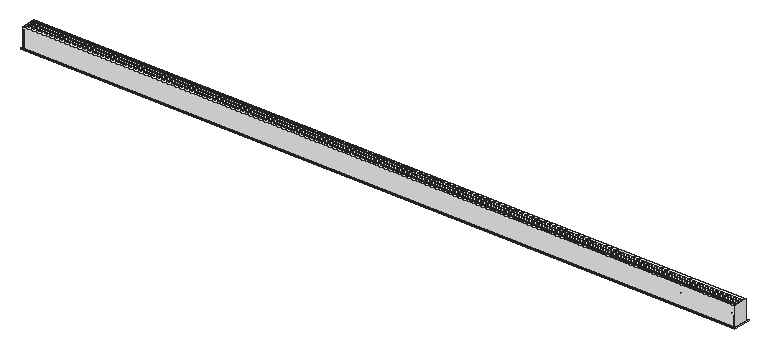
Revit family "STL22403BR_STL22403PTO", category Luminárias, Revit 2023
Family settings
  Hospedeiro = Forro
  Cota do conector redondo = Utilizar diâmetro
  Tipo de parte = Normal
  Número OmniClass = 23.80.70.11
  Título OmniClass = Luminaries for Internal Lighting
  Sempre na vertical = Sim
  Corte com vazios quando carregada = Não
  Fonte luminosa = Não
  Manter orientação da anotação = Não
  Compartilhado = Não
  Ponto de cálculo do ambiente = Não
Parameters (values of type "STL22403BR - BRANCO - 2m")
  URL = "https://stella.com.br/"
  Tensão Elétrica = "127V-220V"
  Referência = "STL22403BR - BRANCO - 2m"
  Potência máxima = 1000 W
  Modelo = "Trace - Trilho de Embutir 2m\r\nTrace - Trilho de Sobrepor 2m"
  Largura = 0.048 m
  Grau de proteção (IP) = "IP20"
  Fabricante = "Stella"
  Estrutura = Al - Branco
  Elevação padrão = 0.00 m
  Comprimento = 2.01 m
  Altura = 0.054 m
Types (3, lengths in m): name | Referência | Estrutura
  (no name) | "STL22403BR - BRANCO - 2m" | Al - Branco
  STL22403BR - BRANCO - 2m | "STL22403BR - BRANCO - 2m" | Al - Branco
  STL22403PTO - PRETO - 2m | "STL22403PTO - PRETO - 2m" | Al - Preto
Reference planes (m)
  plane 1 "Eixo de origem da luz (F/T)": y = 0
  plane 2 "Forro": z = 2.5
  plane 3 "Eixo de origem da luz (E/D)": x = 0
  plane 4 "Elevação da origem da luz": z = 2.4988
  plane 5: y = 0.024
  plane 6: y = -0.024
  plane 7: x = -1.005
  plane 8: x = 1.005
  plane 9 "Inferior": z = 2.4988
  plane 10 "Superior": z = 2.5528
Forms (m)
  Extrusion 1, solid, material "Al - Branco" <- "Estrutura"
    sketch origin (0, 0, 0.5) x (0, 1, 0) y (0, 0, 1)
      loop
        line (-0.0186, 2) -> (-0.0174, 2) -> (-0.0174, 2.001357) -> (-0.0179, 2.001997) -> (-0.0179, 2.004897) -> (-0.0174, 2.005537) -> (-0.0174, 2.0313) -> (-0.008, 2.0313) -> (-0.008, 2.0335) -> (-0.00895, 2.0335) -> (-0.00895, 2.032598) -> (-0.013436, 2.032598)
        arc (-0.013436, 2.032598) -> (-0.013006, 2.038669) -> (-0.011361, 2.044528) r 0.03
        line (-0.011361, 2.044528) -> (-0.010351, 2.044528) -> (-0.010351, 2.043328) -> (-0.00915, 2.043328) -> (-0.00915, 2.0484) -> (0.00915, 2.0484) -> (0.00915, 2.043328) -> (0.010351, 2.043328) -> (0.010351, 2.044528) -> (0.011361, 2.044528)
        arc (0.011361, 2.044528) -> (0.013006, 2.038669) -> (0.013436, 2.032598) r 0.03
        line (0.013436, 2.032598) -> (0.00895, 2.032598) -> (0.00895, 2.0335) -> (0.008, 2.0335) -> (0.008, 2.0313) -> (0.0174, 2.0313) -> (0.0174, 2.005537) -> (0.0179, 2.004897) -> (0.0179, 2.001997) -> (0.0174, 2.001357) -> (0.0174, 2) -> (0.0186, 2) -> (0.0186, 2.0528) -> (0.0158, 2.0528) -> (0.0158, 2.0518) -> (0.0176, 2.0518) -> (0.0176, 2.0496) -> (0.00605, 2.0496) -> (0.00605, 2.0518) -> (0.0078, 2.0518) -> (0.0078, 2.0528) -> (0.0033, 2.0528) -> (0.0033, 2.0518) -> (0.00505, 2.0518) -> (0.00505, 2.0496) -> (-0.00505, 2.0496) -> (-0.00505, 2.0518) -> (-0.0033, 2.0518) -> (-0.0033, 2.0528) -> (-0.0078, 2.0528) -> (-0.0078, 2.0518) -> (-0.00605, 2.0518) -> (-0.00605, 2.0496) -> (-0.0176, 2.0496) -> (-0.0176, 2.0518) -> (-0.0158, 2.0518) -> (-0.0158, 2.0528) -> (-0.0186, 2.0528) -> (-0.0186, 2)
      loop
        line (-0.0174, 2.0484) -> (-0.0174, 2.0327) -> (-0.0161, 2.0327) -> (-0.0161, 2.0337) -> (-0.01445, 2.0337)
        arc (-0.01445, 2.0337) -> (-0.013834, 2.03968) -> (-0.012075, 2.045428) r 0.031
        line (-0.012075, 2.045428) -> (-0.01055, 2.045428) -> (-0.01055, 2.0484) -> (-0.0174, 2.0484)
      loop
        line (0.0174, 2.0484) -> (0.01055, 2.0484) -> (0.01055, 2.045428) -> (0.012075, 2.045428)
        arc (0.012075, 2.045428) -> (0.013834, 2.03968) -> (0.01445, 2.0337) r 0.031
        line (0.01445, 2.0337) -> (0.0161, 2.0337) -> (0.0161, 2.0327) -> (0.0174, 2.0327) -> (0.0174, 2.0484)
    from -0.995 to 0.995
  Extrusion 2, solid, material "Al - Branco" <- "Estrutura"
    sketch origin (0, 0, 0) x (0, 1, 0) y (0, 0, 1)
      loop
        line (-0.0186, 2.5528) -> (-0.0186, 2.5) -> (0.0186, 2.5) -> (0.0186, 2.5528) -> (-0.0186, 2.5528)
    from 0.995 to 0.997
  Extrusion 3, solid, material "Al - Branco" <- "Estrutura"
    sketch origin (-0.56, 0, 0) x (0, 1, 0) y (0, 0, -1)
      loop
        line (-0.0186, -2.5528) -> (0.0186, -2.5528) -> (0.0186, -2.5) -> (-0.0186, -2.5) -> (-0.0186, -2.5528)
    from 0.435 to 0.437
  Extrusion 4, solid, material "Al - Branco" <- "Estrutura"
    sketch origin (0, 0, 0) x (0, 1, 0) y (0, 0, 1)
      loop
        line (-0.016882, 2.4988) -> (-0.01485, 2.4988) -> (-0.01485, 2.5003) -> (-0.01565, 2.5003) -> (-0.01565, 2.5011)
        arc (-0.01565, 2.5011) -> (-0.015382, 2.501621) -> (-0.01485, 2.501866) r 0.0009
        line (-0.01485, 2.501866) -> (-0.01485, 2.5031) -> (0.01485, 2.5031) -> (0.01485, 2.501866)
        arc (0.01485, 2.501866) -> (0.015382, 2.501621) -> (0.01565, 2.5011) r 0.0009
        line (0.01565, 2.5011) -> (0.01565, 2.5003) -> (0.01485, 2.5003) -> (0.01485, 2.4988) -> (0.016882, 2.4988) -> (0.017315, 2.5298) -> (0.007214, 2.5298) -> (0.007113, 2.5414) -> (0.006604, 2.5424) -> (-0.006604, 2.5424) -> (-0.007113, 2.5414) -> (-0.007214, 2.5298) -> (-0.017315, 2.5298) -> (-0.016882, 2.4988)
    from 0.955992 to 0.956565
  Extrusion 5, solid, material "Al - Branco" <- "Estrutura"
    sketch origin (0, 0, 0) x (0, 1, 0) y (0, 0, 1)
      loop
        line (-0.017315, 2.5298) -> (-0.016882, 2.4988) -> (-0.016082, 2.4988) -> (-0.016504, 2.529) -> (-0.006421, 2.529) -> (-0.006311, 2.5416) -> (0.006311, 2.5416) -> (0.006421, 2.529) -> (0.016504, 2.529) -> (0.016082, 2.4988) -> (0.016882, 2.4988) -> (0.017315, 2.5298) -> (0.007214, 2.5298) -> (0.007113, 2.5414) -> (0.006604, 2.5424) -> (-0.006604, 2.5424) -> (-0.007113, 2.5414) -> (-0.007214, 2.5298) -> (-0.017315, 2.5298)
    from 0.956565 to 0.990745
  Extrusion 6, solid, material "Al - Branco" <- "Estrutura"
    sketch origin (0, 0, 0) x (0, 1, 0) y (0, 0, 1)
      loop
        line (-0.014627, 2.500432) -> (-0.014627, 2.4988) -> (0.014627, 2.4988) -> (0.014627, 2.500432) -> (0.015428, 2.500432) -> (0.015428, 2.501232)
        arc (0.015428, 2.501232) -> (0.015136, 2.50162) -> (0.014669, 2.501748) r 0.000752
        line (0.014669, 2.501748) -> (0.014669, 2.502792) -> (-0.014669, 2.502792) -> (-0.014669, 2.501748)
        arc (-0.014669, 2.501748) -> (-0.015136, 2.50162) -> (-0.015428, 2.501232) r 0.000752
        line (-0.015428, 2.501232) -> (-0.015428, 2.500432) -> (-0.014627, 2.500432)
    from 0.955992 to 0.956565
  Extrusion 7, solid, material "Al - Branco" <- "Estrutura"
    sketch origin (0, 0, 2.4988) x (0, -1, 0) y (1, 0, 0)
      loop
        line (-0.014627, 0.987643) -> (-0.014627, 0.956836) -> (0.014627, 0.956836) -> (0.014627, 0.987643) -> (-0.014627, 0.987643)
      loop
        line (0.016282, 0.956565) -> (0.016282, 0.991992) -> (-0.016282, 0.991992) -> (-0.016282, 0.956565) -> (-0.01485, 0.956565) -> (-0.01485, 0.989643) -> (0.01485, 0.989643) -> (0.01485, 0.956565) -> (0.016282, 0.956565)
    from 0 to 0.0012
  Extrusion 8, solid, material "Al - Branco" <- "Estrutura"
    sketch origin (0, 0, 0) x (1, 0, 0) y (0, 0, 1)
      loop
        line (0.987642, 2.4988) -> (0.987793, 2.497792) -> (0.989493, 2.497792) -> (0.989643, 2.4988) -> (0.989643, 2.5) -> (0.987642, 2.5) -> (0.987642, 2.4988)
    from -0.014627 to 0.014627
  Extrusion 9, void
    sketch origin (0, 0, 2.4988) x (0, -1, 0) y (1, 0, 0)
      loop
        line (-0.00135, 0.969641) -> (-0.00135, 0.974441) -> (-0.00225, 0.975341) -> (-0.00225, 0.968741) -> (-0.00135, 0.969641)
      loop
        line (0.00055, 0.969641) -> (0.00055, 0.974441) -> (-0.00035, 0.974441) -> (-0.00035, 0.969641) -> (0.00055, 0.969641)
      loop
        line (0.00245, 0.968741) -> (0.00245, 0.975341) -> (0.00155, 0.974441) -> (0.00155, 0.969641) -> (0.00245, 0.968741)
    from 0 to 0.000475
  Extrusion 10, solid, material "Al - Branco" <- "Estrutura"
    sketch origin (0.947984, 0, 0) x (0, 1, 0) y (0, 0, -1)
      loop
        line (-0.016882, -2.4988) -> (-0.017315, -2.5298) -> (-0.007214, -2.5298) -> (-0.007113, -2.5414) -> (-0.006604, -2.5424) -> (0.006604, -2.5424) -> (0.007113, -2.5414) -> (0.007214, -2.5298) -> (0.017315, -2.5298) -> (0.016882, -2.4988) -> (-0.016882, -2.4988)
    from -0.044008 to -0.042762
  Extrusion 11, solid, material "Al - Branco" <- "Estrutura"
    sketch origin (0, 0, 2.4988) x (0, -1, 0) y (1, 0, 0)
      loop
        line (0.0236, -1) -> (0.0236, 1) -> (-0.0236, 1) -> (-0.0236, -1) -> (0.0236, -1)
      loop
        line (-0.0186, -0.992) -> (0.0186, -0.992) -> (0.0186, 0.991992) -> (-0.0186, 0.991992) -> (-0.0186, -0.992)
    from 0 to 0.0012
  Extrusion 12, void
    sketch origin (0, 0, 2.4988) x (0, -1, 0) y (1, 0, 0)
      loop
        line (-0.0236, -1) -> (0.0236, -1) -> (0.0236, 1) -> (-0.0236, 1) -> (-0.0236, -1)
    from 0 to 0.054
Cuts and joins
  Extrusion 9 cuts Extrusion 4
  Extrusion 9 cuts Extrusion 5
  Extrusion 9 cuts Extrusion 7
  joined: Extrusion 4, Extrusion 5, Extrusion 7, Extrusion 8, Extrusion 10
  joined: Extrusion 1, Extrusion 2, Extrusion 3, Extrusion 11
Dimensions and locks (m)
  equal spacing: host sketch curve, plane 3 "Eixo de origem da luz (E/D)", host sketch curve
  equal spacing: host sketch curve, plane 1 "Eixo de origem da luz (F/T)", host sketch curve
  host sketch curve to host sketch curve = 2.01 m
  host sketch curve to host sketch curve = 0.0572 m
  plane 10 "Superior" to plane 9 "Inferior" = 0.054 m
  "Comprimento": plane 7 to plane 8
  "Largura": plane 5 to plane 6
  "Altura": plane 10 "Superior" to plane 4 "Elevação da origem da luz"
Automatic sketch dimensions
  Extrusion 1 sketch curve to Extrusion 1 sketch curve = 0.00 m  (x13)
  plane 6 to Extrusion 1 sketch curve = 0.0054 m
  Extrusion 1 sketch curve to Extrusion 1 sketch curve = 0.0007 m
  Extrusion 1 sketch curve to Extrusion 1 sketch curve = 0.001 m  (x8)
  Extrusion 1 sketch curve to Extrusion 1 sketch curve = 0.0002 m  (x2)
  Extrusion 1 sketch curve to Extrusion 1 sketch curve = 0.0012 m  (x4)
  Extrusion 1 sketch curve to Extrusion 1 sketch curve = 0.00085 m
  Extrusion 1 sketch curve to Extrusion 1 sketch curve = 0.00045 m  (x2)
  Extrusion 1 sketch curve to Extrusion 1 sketch curve = 0.0018 m
  Extrusion 1 sketch curve to Extrusion 1 sketch curve = 0.00165 m  (x2)
  Extrusion 1 sketch curve to Extrusion 1 sketch curve = 0.001014 m  (x2)
  Extrusion 1 sketch curve to Extrusion 1 sketch curve = 0.005325 m
  Extrusion 1 sketch curve to Extrusion 1 sketch curve = 0.000714 m  (x2)
  Extrusion 1 sketch curve to Extrusion 1 sketch curve = 0.000811 m
  Extrusion 1 sketch curve to Extrusion 1 sketch curve = 0.000199 m  (x2)
  Extrusion 1 sketch curve to Extrusion 1 sketch curve = 0.001201 m  (x2)
  Extrusion 1 sketch curve to Extrusion 1 sketch curve = 0.004486 m  (x2)
  Extrusion 1 sketch curve to Extrusion 1 sketch curve = 0.00095 m  (x2)
  Extrusion 1 sketch curve to Extrusion 1 sketch curve = 0.00135 m
  Extrusion 1 sketch curve to Extrusion 1 sketch curve = 0.00175 m  (x4)
  Extrusion 1 sketch curve to plane 1 "Eixo de origem da luz (F/T)" = 0.0033 m
  Extrusion 1 sketch curve to plane 1 "Eixo de origem da luz (F/T)" = 0.008 m
  Extrusion 1 sketch curve to Extrusion 1 sketch curve = 0.0031 m
  Extrusion 1 sketch curve to Extrusion 1 sketch curve = 0.001009 m
  Extrusion 1 sketch curve to Extrusion 1 sketch curve = 0.00525 m
  Extrusion 1 sketch curve to plane 5 = 0.0066 m
  Extrusion 1 sketch curve to Extrusion 1 sketch curve = 0.0016 m
  Extrusion 1 sketch curve to Extrusion 1 sketch curve = 0.0005 m
  Extrusion 1 sketch curve to plane 10 "Superior" = 0.0528 m
  Extrusion 1 sketch curve to Extrusion 1 sketch curve = 0.001357 m  (x2)
  Extrusion 1 sketch curve to Extrusion 1 sketch curve = 0.00064 m  (x4)
  Extrusion 1 sketch curve to Extrusion 1 sketch curve = 0.0029 m  (x2)
  Extrusion 1 sketch curve to Extrusion 1 sketch curve = 0.025763 m
  Extrusion 1 sketch curve to Extrusion 1 sketch curve = 0.001298 m  (x2)
  Extrusion 1 sketch curve to Extrusion 1 sketch curve = 0.0014 m  (x2)
  Extrusion 1 sketch curve to Extrusion 1 sketch curve = 0.000902 m  (x2)
  Extrusion 1 sketch curve to Extrusion 1 sketch curve = 0.000829 m  (x2)
  Extrusion 1 sketch curve to Extrusion 1 sketch curve = 0.000171 m  (x2)
  Extrusion 1 sketch curve to Extrusion 1 sketch curve = 0.002972 m  (x2)
  Extrusion 1 sketch curve to Extrusion 1 sketch curve = 0.0022 m  (x4)
  plane 6 to Extrusion 2 sketch curve = 0.0054 m
  Extrusion 2 sketch curve to plane 5 = 0.0054 m
  Extrusion 2 sketch curve to plane 10 "Superior" = 0.0528 m
  Extrusion 2 sketch curve to Extrusion 2 sketch curve = 0.0528 m
  plane 6 to Extrusion 3 sketch curve = 0.0054 m
  Extrusion 3 sketch curve to plane 5 = 0.0054 m
  plane 10 "Superior" to Extrusion 3 sketch curve = 0.00 m
  Extrusion 3 sketch curve to Extrusion 3 sketch curve = 0.0528 m
  plane 4 "Elevação da origem da luz" to Extrusion 4 sketch curve = 0.00 m  (x2)
  plane 6 to Extrusion 4 sketch curve = 0.006685 m
  plane 6 to Extrusion 4 sketch curve = 0.007118 m
  Extrusion 4 sketch curve to Extrusion 4 sketch curve = 0.001232 m  (x2)
  plane 2 "Forro" to Extrusion 4 sketch curve = 0.0003 m  (x2)
  Extrusion 4 sketch curve to Extrusion 4 sketch curve = 0.0008 m  (x4)
  Extrusion 4 sketch curve to Extrusion 4 sketch curve = 0.000091 m  (x3)
  plane 1 "Eixo de origem da luz (F/T)" to Extrusion 4 sketch curve = 0.007214 m
  plane 1 "Eixo de origem da luz (F/T)" to Extrusion 4 sketch curve = 0.007113 m
  Extrusion 4 sketch curve to Extrusion 4 sketch curve = 0.000509 m  (x2)
  Extrusion 4 sketch curve to plane 1 "Eixo de origem da luz (F/T)" = 0.006604 m
  Extrusion 4 sketch curve to plane 1 "Eixo de origem da luz (F/T)" = 0.007214 m
  plane 2 "Forro" to Extrusion 4 sketch curve = 0.000971 m
  Extrusion 4 sketch curve to plane 5 = 0.009241 m
  Extrusion 4 sketch curve to Extrusion 4 sketch curve = 0.000891 m
  Extrusion 4 sketch curve to plane 5 = 0.006685 m
  Extrusion 4 sketch curve to Extrusion 4 sketch curve = 0.000671 m
  Extrusion 4 sketch curve to Extrusion 4 sketch curve = 0.001234 m
  Extrusion 4 sketch curve to plane 10 "Superior" = 0.023 m
  Extrusion 4 sketch curve to Extrusion 4 sketch curve = 0.00 m
  Extrusion 4 sketch curve to plane 10 "Superior" = 0.0114 m  (x2)
  Extrusion 4 sketch curve to Extrusion 4 sketch curve = 0.001 m
  plane 4 "Elevação da origem da luz" to Extrusion 5 sketch curve = 0.00 m  (x2)
  plane 6 to Extrusion 5 sketch curve = 0.006685 m
  plane 6 to Extrusion 5 sketch curve = 0.007118 m
  Extrusion 5 sketch curve to Extrusion 5 sketch curve = 0.000811 m  (x2)
  Extrusion 5 sketch curve to Extrusion 5 sketch curve = 0.0008 m  (x5)
  plane 1 "Eixo de origem da luz (F/T)" to Extrusion 5 sketch curve = 0.007214 m
  plane 1 "Eixo de origem da luz (F/T)" to Extrusion 5 sketch curve = 0.007113 m
  Extrusion 5 sketch curve to Extrusion 5 sketch curve = 0.000509 m
  Extrusion 5 sketch curve to Extrusion 5 sketch curve = 0.000793 m  (x2)
  Extrusion 5 sketch curve to Extrusion 5 sketch curve = 0.000802 m  (x2)
  Extrusion 5 sketch curve to plane 1 "Eixo de origem da luz (F/T)" = 0.006311 m
  Extrusion 5 sketch curve to plane 1 "Eixo de origem da luz (F/T)" = 0.006421 m
  Extrusion 5 sketch curve to Extrusion 5 sketch curve = 0.000293 m
  Extrusion 5 sketch curve to plane 5 = 0.007918 m
  Extrusion 5 sketch curve to plane 5 = 0.007496 m
  Extrusion 5 sketch curve to plane 10 "Superior" = 0.0238 m
  Extrusion 5 sketch curve to Extrusion 5 sketch curve = 0.00 m
  Extrusion 5 sketch curve to plane 10 "Superior" = 0.0114 m  (x2)
  Extrusion 5 sketch curve to Extrusion 5 sketch curve = 0.0002 m
  plane 4 "Elevação da origem da luz" to Extrusion 6 sketch curve = 0.00 m
  plane 2 "Forro" to Extrusion 6 sketch curve = 0.000432 m  (x2)
  plane 6 to Extrusion 6 sketch curve = 0.008572 m
  Extrusion 6 sketch curve to Extrusion 6 sketch curve = 0.000715 m  (x2)
  Extrusion 6 sketch curve to Extrusion 6 sketch curve = 0.000044 m
  Extrusion 6 sketch curve to Extrusion 6 sketch curve = 0.0008 m
  Extrusion 6 sketch curve to plane 5 = 0.009373 m
  Extrusion 6 sketch curve to Extrusion 6 sketch curve = 0.000041 m
  Extrusion 6 sketch curve to Extrusion 6 sketch curve = 0.000085 m
  Extrusion 6 sketch curve to Extrusion 6 sketch curve = 0.000565 m  (x2)
  Extrusion 6 sketch curve to Extrusion 6 sketch curve = 0.000235 m  (x2)
  Extrusion 6 sketch curve to Extrusion 6 sketch curve = 0.001044 m
  Extrusion 7 sketch curve to plane 5 = 0.007718 m
  Extrusion 7 sketch curve to Extrusion 7 sketch curve = 0.001432 m  (x2)
  Extrusion 7 sketch curve to Extrusion 7 sketch curve = 0.000223 m  (x2)
  plane 6 to Extrusion 7 sketch curve = 0.009373 m
  Extrusion 7 sketch curve to plane 8 = 0.048435 m
  Extrusion 7 sketch curve to Extrusion 7 sketch curve = 0.00 m
  Extrusion 7 sketch curve to Extrusion 7 sketch curve = 0.000271 m
  Extrusion 7 sketch curve to plane 8 = 0.017357 m
  Extrusion 7 sketch curve to Extrusion 7 sketch curve = 0.002 m
  Extrusion 7 sketch curve to Extrusion 7 sketch curve = 0.002349 m
  Extrusion 8 sketch curve to plane 4 "Elevação da origem da luz" = 0.00 m  (x2)
  Extrusion 8 sketch curve to plane 2 "Forro" = 0.00 m
  Extrusion 8 sketch curve to plane 8 = 0.017358 m
  plane 4 "Elevação da origem da luz" to Extrusion 8 sketch curve = 0.001008 m
  Extrusion 8 sketch curve to Extrusion 8 sketch curve = 0.000151 m
  Extrusion 8 sketch curve to Extrusion 8 sketch curve = 0.0017 m
  Extrusion 8 sketch curve to Extrusion 8 sketch curve = 0.002001 m
  Extrusion 9 sketch curve to plane 1 "Eixo de origem da luz (F/T)" = 0.00225 m
  Extrusion 9 sketch curve to Extrusion 9 sketch curve = 0.0009 m  (x6)
  Extrusion 9 sketch curve to plane 1 "Eixo de origem da luz (F/T)" = 0.00035 m
  plane 1 "Eixo de origem da luz (F/T)" to Extrusion 9 sketch curve = 0.00055 m
  Extrusion 9 sketch curve to Extrusion 9 sketch curve = 0.001 m
  Extrusion 9 sketch curve to plane 8 = 0.036259 m
  Extrusion 9 sketch curve to Extrusion 9 sketch curve = 0.00 m  (x4)
  Extrusion 9 sketch curve to Extrusion 9 sketch curve = 0.0048 m
  plane 4 "Elevação da origem da luz" to Extrusion 10 sketch curve = 0.00 m
  plane 6 to Extrusion 10 sketch curve = 0.006685 m
  plane 1 "Eixo de origem da luz (F/T)" to Extrusion 10 sketch curve = 0.007214 m
  plane 1 "Eixo de origem da luz (F/T)" to Extrusion 10 sketch curve = 0.007113 m
  Extrusion 10 sketch curve to Extrusion 10 sketch curve = 0.000509 m  (x2)
  Extrusion 10 sketch curve to plane 1 "Eixo de origem da luz (F/T)" = 0.006604 m
  Extrusion 10 sketch curve to plane 1 "Eixo de origem da luz (F/T)" = 0.007214 m
  Extrusion 10 sketch curve to plane 5 = 0.007118 m
  Extrusion 10 sketch curve to plane 5 = 0.006685 m
  Extrusion 10 sketch curve to plane 10 "Superior" = 0.023 m
  Extrusion 10 sketch curve to Extrusion 10 sketch curve = 0.00 m
  Extrusion 10 sketch curve to plane 10 "Superior" = 0.0114 m  (x2)
  Extrusion 10 sketch curve to Extrusion 10 sketch curve = 0.001 m
  plane 6 to Extrusion 10 sketch curve = 0.007118 m
  Extrusion 11 sketch curve to plane 5 = 0.0004 m
  Extrusion 11 sketch curve to plane 5 = 0.0054 m
  plane 6 to Extrusion 11 sketch curve = 0.0054 m
  plane 6 to Extrusion 11 sketch curve = 0.0004 m
  plane 7 to Extrusion 11 sketch curve = 0.005 m
  Extrusion 11 sketch curve to Extrusion 11 sketch curve = 0.008 m
  Extrusion 11 sketch curve to plane 8 = 0.013008 m
  Extrusion 11 sketch curve to plane 8 = 0.005 m
  Extrusion 12 sketch curve to plane 5 = 0.0004 m
  plane 6 to Extrusion 12 sketch curve = 0.0004 m
  plane 7 to Extrusion 12 sketch curve = 0.005 m
  Extrusion 12 sketch curve to plane 8 = 0.005 m
Connectors (m)
  electrical at (0, 0, 2.5528)
    settings: index 1, voltage 0 V, apparent load 0 VA, apparent load phase1 0 VA, apparent load phase2 0 VA, apparent load phase3 0 VA, power factor 1, load classification "Outro", number of poles 1, system type 31, power factor state 1, is connector primary yes, connector utility no, sub classification motor no, connector description ""
